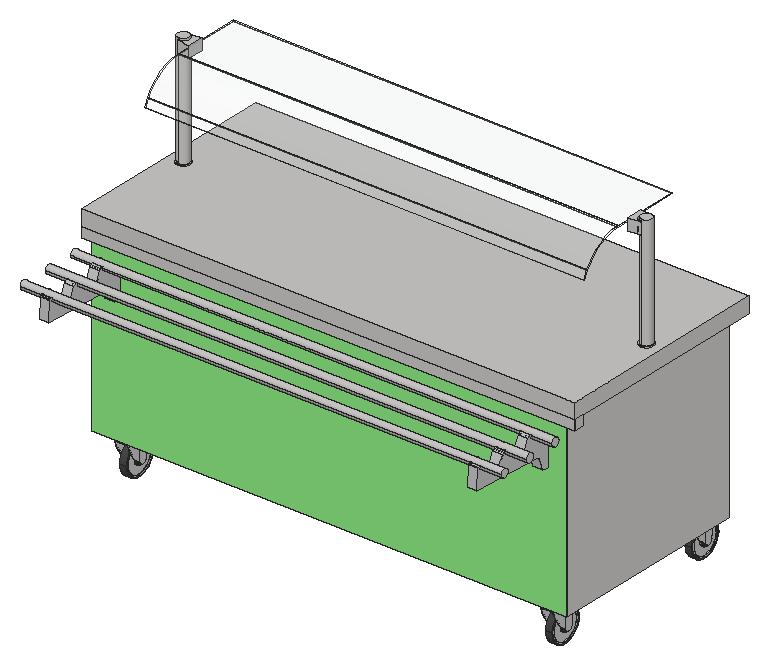
Revit family "QF_BOURGEAT_Self_Meuble_neutre_GN5", category Equipement spécialisé, Revit 2015
Parameters (values of type "GN5_dessus_plat+roues+etageres")
  dessus_plat = yes
  dessus_decoupe = no
  URL catalogue = "http://www.bourgeat.fr/fr/"
  URL = ""
  Type de Raccord Electrique = ""
  Type article = ""
  Tension = 0 V
  Spécification du Fabricant = "Meuble_neutre_OASIS"
  Roues = yes
  Remarques Electricité = ""
  Puissance électrique  = 0 W
  Profondeur hors tout = 820 mm
  Poids net à vide = 160.00 kg
  Pieds = no
  lgmeuble = Longueur hors tout - 68 mm  # 1791 mm
  lgconsole = Longueur hors tout - 44 mm  # 1815 mm
  lg_presentoir = lgmeuble - 44 mm  # 1747 mm
  lg_etagere = lgmeuble - 404 mm  # 1387 mm
  Presentoir = no
  Phase = 0
  Nature isolant = "Laine de verre"
  Modèle = "854115+854950+854955"
  Longueur hors tout = 1859 mm
  Intensité nominale = 0 A
  Indice de protection = "21"
  Hauteur hors tout = 900 mm
  Fréquence = 0 Hz
  Fabricant = "BOURGEAT"
  Etageres = yes
  Contact SAV = "0033 (0)4.76.32.14.44"
  Consommation_energetique = ""
  Charge max = 150.00 kg
  Certification = "NF alimentaire"
Types (16, lengths in mm): name | dessus_plat | dessus_decoupe | Tension | Roues | Puissance électrique  | Poids net à vide | Pieds | Presentoir | Phase | Modèle | Intensité nominale | Hauteur hors tout | Fréquence | Etageres
  GN5_dessus_decoupe | no | yes | 0 V | yes | 0 W | 185.00 kg | no | no | 0 | "854225" | 0 A | 900 | 0 Hz | no
  GN5_dessus_plat | yes | no | 0 V | no | 0 W | 160.00 kg | yes | no | 0 | "854115" | 0 A | 900 | 0 Hz | no
  GN5_dessus_plat+rampe_chauffante | yes | no | 230 V | no | 800 W | 185.00 kg | yes | yes | 2 | "854115+851325" | 3.47826 A | 1330 | 50 Hz | no
  GN5_dessus_plat+roues | yes | no | 0 V | yes | 0 W | 160.00 kg | no | no | 0 | "854115+854950" | 0 A | 900 | 0 Hz | no
  GN5_dessus_plat+etageres | yes | no | 0 V | no | 0 W | 160.00 kg | yes | no | 0 | "854115+854955" | 0 A | 900 | 0 Hz | yes
  GN5_dessus_plat+rampe_chauffante+roues | yes | no | 230 V | yes | 800 W | 185.00 kg | no | yes | 2 | "854115+851325+854950" | 3.47826 A | 1330 | 50 Hz | no
  GN5_dessus_plat+rampe_chauffante+etageres | yes | no | 230 V | yes | 800 W | 185.00 kg | no | yes | 2 | "854115+851325+854955" | 3.47826 A | 1330 | 50 Hz | yes
  GN5_dessus_plat+roues+etageres | yes | no | 0 V | yes | 0 W | 160.00 kg | no | no | 0 | "854115+854950+854955" | 0 A | 900 | 0 Hz | yes
  GN5_dessus_plat+rampe_chauffante+roues+etageres | yes | no | 230 V | yes | 800 W | 185.00 kg | no | yes | 2 | "854115+851325+854950+854955" | 3.47826 A | 1330 | 50 Hz | yes
  GN5_dessus_decoupe+presentoir_chauffant | no | yes | 230 V | no | 800 W | 185.00 kg | yes | yes | 2 | "854225+851325" | 3.47826 A | 1330 | 50 Hz | no
  GN5_dessus_decoupe+roues | no | yes | 0 V | yes | 0 W | 160.00 kg | no | no | 0 | "854225+854950" | 0 A | 900 | 0 Hz | no
  GN5_dessus_decoupe+etageres | no | yes | 0 V | no | 0 W | 160.00 kg | yes | no | 0 | "854225+854955" | 0 A | 900 | 0 Hz | yes
  GN5_dessus_decoupe+presentoir_chauffant+roues | no | yes | 230 V | yes | 800 W | 185.00 kg | no | yes | 2 | "854225+851325+854950" | 3.47826 A | 1330 | 50 Hz | no
  GN5_dessus_decoupe+presentoir_chauffant+etageres | no | yes | 230 V | no | 800 W | 185.00 kg | yes | yes | 2 | "854225+851325+854955" | 3.47826 A | 1330 | 50 Hz | yes
  GN5_dessus_decoupe+roues+etageres | no | yes | 0 V | yes | 0 W | 160.00 kg | no | no | 0 | "854225+854950+854955" | 0 A | 900 | 0 Hz | yes
  GN5_dessus_decoupe+presentoir_chauffant+roues+etageres | no | yes | 230 V | yes | 800 W | 185.00 kg | no | yes | 2 | "854225+851325+854950+854955" | 3.47826 A | 1330 | 50 Hz | yes
Reference planes
  plane 1 "Centre (avant/arrière)": y = 0
  plane 2: z = 0
  plane 3 "Centre (gauche/droite)": x = 0
  plane 4: z = 235
  plane 5: z = 465
  plane 6: z = 284
  plane 7: z = 640
  plane 8: x = -1722
  plane 9: y = 590
Forms (mm)
  Extrusion 1, solid
    sketch origin (0, 0, 0) x (1, 0, 0) y (0, 1, 0)
      loop
        circle (-1722, 590) r 10
    from 147.533 to 160
Dimensions and locks
  locked: plane 4 to plane 2 at 235
  locked: plane 6 to plane 2 at 284
  locked: plane 7 to plane 2 at 640
  locked: nested 1 to plane 8 at 67
  aligned and locked: level to plane 2
  aligned and locked: nested 1 to plane 1 "Centre (avant/arrière)"
  aligned and locked: nested 3 to nested 1
  aligned and locked: nested 1 to plane 2
  aligned and locked: plane 7 to nested 3
  aligned and locked: nested 5 to nested 1  (x2)
  aligned and locked: nested 4 to nested 1  (x2)
  aligned and locked: plane 4 to nested 5
  aligned and locked: nested 4 to plane 5
  aligned and locked: nested 1 to nested 2
  aligned and locked: nested 7 to nested 1  (x2)
  aligned and locked: nested 7 to nested 2
  aligned and locked: nested 6 to nested 7  (x2)
  aligned and locked: nested 6 to nested 2
  aligned and locked: nested 3 to nested 7
  aligned and locked: plane 8 to Extrusion 1 sketch curve
  aligned and locked: plane 9 to Extrusion 1 sketch curve
Nested families
  nested 1: "corps_meuble" at (0, 0, 160), type "corps_meuble"
    with roues yes, pieds no, lg_meuble 1789 mm, lg_ht 1859 mm
  nested 2: "presentoir" at (-894.5, 402, 551.997) x (0, 1, 0) z (0, 0, 1), type "presentoir"
    with lg_presentoir 1747 mm
  nested 3: "barre_et_console" at (-894.5, 0, 465) x (-1, 0, 0) z (0, 0, 1), type "barre_et_console"
    with lg_ht 1859 mm, lg_barre_console 1815 mm
  nested 4: "etagere" at (-893.5, 80, 427) x (-1, 0, 0) z (0, 0, 1), visible <- "Etageres", type "etagere"
    with lg_etagere 1387 mm
  nested 5: "etagere" at (-893.5, 80, 197) x (-1, 0, 0) z (0, 0, 1), visible <- "Etageres", type "etagere"
    with lg_etagere 1387 mm
  nested 6: "dessus_decoupe" at (-894.5, 402, 808), visible <- "dessus_decoupe", type "dessus_découpe"
    with lg_cuve 1859 mm
  nested 7: "dessus_plat" at (-894.5, 402, 808), visible <- "dessus_plat", type "dessus_plat"
    with lg_cuve 1859 mm
Connectors
  electrical at (-1722, 590, 147.533), driven by "Tension"
    settings: on Extrusion 1, index 1, voltage 0 V, apparent load 0 VA, apparent load phase1 0 VA, apparent load phase2 0 VA, apparent load phase3 0 VA, power factor 1, load classification "Autre", number of poles 1, system type 30, power factor state 1, is connector primary yes, connector utility no, sub classification motor no, connector description ""
Definition of nested family "corps_meuble"
  Parameters (values of type "corps_meuble")
    roues = no
    pieds = yes
    lg_meuble = lg_ht - 70 mm  # 1464 mm
    lg_ht = 1534 mm
  Reference planes
    plane 1 "Centre (avant/arrière)": y = 0
    plane 2: z = 0
    plane 3 "Centre (gauche/droite)": x = 0
    plane 4: x = -480.227
    plane 5: z = 680
    plane 6: x = -732
    plane 7: x = -379.227
    plane 8: x = -1464
    plane 9: x = -1414
    plane 10: x = -202
    plane 11: x = -50
    plane 12: x = -1262
    plane 13: x = -1374
    plane 14: x = -90
    plane 15: z = 519
    plane 16: x = -1371
    plane 17: x = -93
    plane 18: y = 53
    plane 19: y = 712
    plane 20: y = 402
    plane 21: y = -1
  Forms (mm)
    Extrusion 1, solid
      sketch origin (-379.227, -50.814, 0) x (1, 0, 0) y (0, 1, 0)
        loop
          line (-1084.773, 815.814) -> (-1084.773, 50.814) -> (379.227, 50.814) -> (379.227, 815.814) -> (177.227, 815.814) -> (177.227, 130.814) -> (-882.773, 130.814) -> (-882.773, 815.814) -> (-1084.773, 815.814)
      from 0 to 680
    Extrusion 2, void
      sketch origin (-379.227, 0, 0) x (1, 0, 0) y (0, 1, 0)
        loop
          line (-1034.773, 699.99) -> (-1034.773, 119.99) -> (329.227, 119.99) -> (329.227, 699.99) -> (-1034.773, 699.99)
      from 541.178 to 680
    Extrusion 3, solid
      sketch origin (0, 0, 0) x (1, 0, 0) y (0, 1, 0)
        loop
          line (-1414, 699.99) -> (-1414, 119.99) -> (-1262, 119.99) -> (-1262, 699.99) -> (-1414, 699.99)
        loop
          line (-202, 699.99) -> (-202, 119.99) -> (-50, 119.99) -> (-50, 699.99) -> (-202, 699.99)
      from 541.178 to 680
    Extrusion 4, solid
      sketch origin (0, 0, 0) x (1, 0, 0) y (0, 0, 1)
        loop
          line (-1464, 680) -> (-1464, 0) -> (0, 0) -> (0, 680) -> (-1464, 680)
      from 0 to 1
  Cuts and joins
    Extrusion 2 cuts Extrusion 1
  Dimensions and locks
    locked: plane 5 to plane 2 at 680
    locked: plane 8 to plane 9 at 50
    locked: plane 10 to plane 3 "Centre (gauche/droite)" at 202
    locked: plane 11 to plane 3 "Centre (gauche/droite)" at 50
    equal spacing: plane 8, plane 6, plane 3 "Centre (gauche/droite)"
    "lg_meuble": plane 8 to plane 3 "Centre (gauche/droite)"
    locked: plane 8 to plane 12 at 202
    locked: plane 8 to plane 13 at 90
    locked: plane 14 to plane 3 "Centre (gauche/droite)" at 90
    locked: plane 15 to plane 2 at 519
    locked: plane 8 to plane 16 at 93
    locked: plane 17 to plane 3 "Centre (gauche/droite)" at 93
    locked: cut or joined group of Extrusion 1, Extrusion 2 to plane 20 at 363
    aligned and locked: level to plane 2
    aligned and locked: plane 5 to Extrusion 1
    aligned and locked: cut or joined group of Extrusion 1, Extrusion 2 to plane 8
    aligned and locked: Extrusion 2 to plane 9
    aligned and locked: Extrusion 1 to plane 10
    aligned and locked: plane 11 to cut or joined group of Extrusion 1, Extrusion 2
    aligned and locked: plane 12 to cut or joined group of Extrusion 1, Extrusion 2
    aligned and locked: nested 1 to plane 13
    aligned and locked: plane 14 to nested 2
    aligned and locked: nested 2 to cut or joined group of Extrusion 1, Extrusion 2
    aligned and locked: nested 1 to cut or joined group of Extrusion 1, Extrusion 2
    aligned and locked: nested 1 to plane 15
    aligned and locked: nested 2 to plane 15
    aligned and locked: plane 13 to nested 3
    aligned and locked: plane 19 to nested 3
    aligned and locked: nested 4 to plane 18
    aligned and locked: plane 13 to nested 4
    aligned and locked: nested 5 to plane 18
    aligned and locked: plane 17 to nested 5
    aligned and locked: plane 19 to nested 6
    aligned and locked: plane 17 to nested 6
    aligned and locked: plane 17 to nested 9
    aligned and locked: plane 19 to nested 9
    aligned and locked: nested 10 to plane 18
    aligned and locked: plane 17 to nested 10
    aligned and locked: nested 8 to plane 18
    aligned and locked: plane 13 to nested 8
    aligned and locked: plane 13 to nested 7
    aligned and locked: plane 19 to nested 7
    aligned and locked: nested 4 to plane 2
    aligned and locked: nested 3 to plane 2
    aligned and locked: nested 7 to plane 2
    aligned and locked: nested 10 to plane 2
    aligned and locked: nested 9 to plane 2
    aligned and locked: nested 5 to plane 2
    aligned and locked: nested 6 to plane 2
    aligned and locked: Extrusion 3 sketch curve to cut or joined group of Extrusion 1, Extrusion 2  (x8)
    aligned and locked: Extrusion 4 sketch curve to cut or joined group of Extrusion 1, Extrusion 2  (x4)
    aligned and locked: plane 21 to Extrusion 4
  Automatic sketch dimensions
    Extrusion 1 sketch curve to plane 8 = 0 mm
    Extrusion 1 sketch curve to plane 10 = 0 mm
    plane 1 "Centre (avant/arrière)" to Extrusion 1 sketch curve = 0 mm
    Extrusion 1 sketch curve to plane 3 "Centre (gauche/droite)" = 0 mm
    Extrusion 1 sketch curve to plane 1 "Centre (avant/arrière)" = 80 mm
    Extrusion 1 sketch curve to plane 6 = 530 mm
    Extrusion 1 sketch curve to Extrusion 1 sketch curve = 685 mm
    Extrusion 1 sketch curve to Extrusion 1 sketch curve = 765 mm
    Extrusion 2 sketch curve to plane 9 = 0 mm
    Extrusion 2 sketch curve to plane 11 = 0 mm
    Extrusion 2 sketch curve to plane 1 "Centre (avant/arrière)" = 119.99 mm
    Extrusion 2 sketch curve to Extrusion 2 sketch curve = 580 mm
  Nested families
    nested 1: "Prise" at (-1331, 790, 562), type "Prise"
    nested 2: "Prise" at (-133, 790, 562), type "Prise"
    nested 3: "pied" at (-1374, 712, -160), visible <- "pieds", type "pied"
    nested 4: "pied" at (-1374, 53, -160), visible <- "pieds", type "pied"
    nested 5: "pied" at (-93, 53, -160), visible <- "pieds", type "pied"
    nested 6: "pied" at (-93, 712, -160), visible <- "pieds", type "pied"
    nested 7: "roue_ht160" at (-1374, 712, -160.21), visible <- "roues", type "roue_ht160"
      with Sans frein yes, Avec frein yes
    nested 8: "roue_ht160" at (-1374, 53, -160.21), visible <- "roues", type "roue_ht160"
      with Sans frein yes, Avec frein yes
    nested 9: "roue_ht160" at (-93, 712, -160.21), visible <- "roues", type "roue_ht160"
      with Sans frein yes, Avec frein yes
    nested 10: "roue_ht160" at (-93, 53, -160.21), visible <- "roues", type "roue_ht160"
      with Sans frein yes, Avec frein yes
  Definition of nested family "Prise"
    Reference planes
      plane 1 "Centre (avant/arrière)": y = 0
      plane 2: z = 0
      plane 3 "Centre (gauche/droite)": x = 0
      plane 4: x = 43
      plane 5: x = -43
      plane 6: z = 43
      plane 7: z = -43
      plane 8: y = -25
    Forms (mm)
      Extrusion 1, solid
        sketch origin (0, 0, 0) x (1, 0, 0) y (0, 0, 1)
          loop
            line (-43, 43) -> (-43, -43) -> (43, -43) -> (43, 43) -> (-43, 43)
        from 0 to 25
    Dimensions and locks
      locked: plane 8 to plane 1 "Centre (avant/arrière)" at 25
      aligned and locked: level to plane 2
      aligned and locked: Extrusion 1 sketch curve to plane 6
      aligned and locked: Extrusion 1 sketch curve to plane 5
      aligned and locked: Extrusion 1 sketch curve to plane 7
      aligned and locked: Extrusion 1 sketch curve to plane 4
      aligned and locked: Extrusion 1 to plane 8
  Definition of nested family "pied"
    Reference planes
      plane 1 "Centre (avant/arrière)": y = 0
      plane 2: z = 0
      plane 3 "Centre (gauche/droite)": x = 0
    Forms (mm)
      Revolve 1, solid
        sketch origin (0, 0, 0) x (1, 0, 0) y (0, 0, 1)
          loop
            line (0, 160) -> (-33, 160) -> (-33, 70) -> (-28, 70) -> (-28, 0) -> (0, 0) -> (0, 160)
          axis (0, 160) -> (0, 0)
        angle from 0 to 360
    Dimensions and locks
      plane 3 "Centre (gauche/droite)" to Revolve 1 sketch curve = 28 mm
      Revolve 1 sketch curve to plane 3 "Centre (gauche/droite)" = 33 mm
      Revolve 1 sketch curve to plane 2 = 70 mm
      Revolve 1 sketch curve to Revolve 1 sketch curve = 90 mm
      aligned and locked: level to plane 2
  Definition of nested family "roue_ht160"
    Parameters (values of type "roue_ht160")
      Sans frein [instance] = yes
      Avec frein [instance] = yes
    Reference planes
      plane 1 "Centre (avant/arrière)": y = 0
      plane 2: z = 0
      plane 3 "Centre (gauche/droite)": x = 0
      plane 4: y = 40.851
      plane 5: z = 62.5
    Forms (mm)
      Extrusion 1, solid
        sketch origin (0, 0, 0) x (0, 1, 0) y (0, 0, 1)
          loop
            circle (40.851, 62.5) r 62.5
          loop
            circle (40.851, 62.5) r 57.5
        from -12.5 to 12.5
      Revolve 2, solid
        sketch origin (0, 0, 0) x (0, 1, 0) y (0, 0, 1)
          loop
            line (0, 160.21) -> (-20.149, 160.21) -> (-20.149, 159.41) -> (-21.6, 159.41)
            arc (-21.6, 159.41) -> (-24.448, 158.65) -> (-26.537, 156.572) r 5.712
            line (-26.537, 156.572) -> (-30.146, 147.743) -> (-26.999, 147.062) -> (-26.999, 146.112)
            arc (-26.999, 146.112) -> (-27.23, 145.314) -> (-27.849, 144.761) r 1.5
            arc (-27.849, 144.761) -> (-29.223, 143.633) -> (-29.923, 142) r 3.75
            line (-29.923, 142) -> (0, 142) -> (0, 160.21)
          axis (0, 160.21) -> (0, 142)
        angle from 0 to 360
      Extrusion 3, solid
        sketch origin (0, 0, 0) x (0, 1, 0) y (0, 0, -1)
          loop
            line (-29.974, -138.241) -> (-29.974, -142) -> (21.747, -142) -> (21.747, -60.336)
            arc (21.747, -60.336) -> (10.272, -70.702) -> (-0.149, -82.127) r 160.057
            arc (-0.149, -82.127) -> (-17.883, -108.684) -> (-29.974, -138.241) r 159.585
        from -24.913 to -23.038
      Extrusion 4, solid
        sketch origin (0, 0, 0) x (0, 1, 0) y (0, 0, 1)
          loop
            line (-29.974, 142) -> (-29.974, 140.869) -> (21.747, 140.869) -> (21.747, 142) -> (-29.974, 142)
        from -23.038 to 23.038
      Extrusion 5, solid
        sketch origin (0, 0, 0) x (0, 1, 0) y (0, 0, 1)
          loop
            circle (40.851, 62.5) r 57.5
          loop
            circle (40.851, 62.5) r 55
        from -12.5 to 12.5
      Extrusion 6, solid
        sketch origin (0, 0, 0) x (0, 1, 0) y (0, 0, 1)
          loop
            circle (40.851, 62.5) r 55
        from -7 to 7
      Extrusion 7, solid
        sketch origin (0, 0, 0) x (0, 1, 0) y (0, 0, 1)
          loop
            circle (40.851, 62.5) r 21
        from 7 to 15
      Extrusion 8, solid
        sketch origin (0, 0, 0) x (0, 1, 0) y (0, 0, -1)
          loop
            circle (40.851, -62.5) r 16
        from -23.038 to -15
      Extrusion 9, solid, visible <- "Sans frein"
        sketch origin (0, 0, 0) x (0, 1, 0) y (0, 0, 1)
          loop
            arc (21.747, 60.336) -> (23.188, 59.17) -> (24.642, 58.02) r 161.23
            arc (24.642, 58.02) -> (29.34, 54.513) -> (34.187, 51.216) r 133.333
            arc (34.187, 51.216) -> (46.517, 50.3) -> (53.927, 60.198) r 12.867
            arc (53.927, 60.198) -> (54.714, 99.183) -> (46.119, 137.216) r 161.222
            arc (46.119, 137.216) -> (45.679, 138.887) -> (45.531, 140.609) r 10.076
            line (45.531, 140.609) -> (45.531, 142) -> (21.747, 142) -> (21.747, 60.336)
        from 23.038 to 24.913
      Extrusion 10, solid, visible <- "Sans frein"
        sketch origin (0, 0, 0) x (0, 1, 0) y (0, 0, 1)
          loop
            line (21.747, 142) -> (21.747, 140.701) -> (48.851, 140.701) -> (48.851, 142) -> (21.747, 142)
        from -23.038 to 23.038
      Extrusion 11, solid, visible <- "Avec frein"
        sketch origin (0, 0, 0) x (0, 1, 0) y (0, 0, 1)
          loop
            line (21.747, 142) -> (21.747, 60.336)
            arc (21.747, 60.336) -> (23.177, 59.179) -> (24.62, 58.038) r 160.008
            arc (24.62, 58.038) -> (29.041, 54.705) -> (33.574, 51.527) r 160
            arc (33.574, 51.527) -> (46.135, 50.422) -> (53.724, 60.491) r 13
            arc (53.724, 60.491) -> (55.279, 82.092) -> (53.902, 103.704) r 160
            arc (53.902, 103.704) -> (55.53, 108.653) -> (60.415, 110.463) r 6
            arc (60.415, 110.463) -> (80.625, 109.924) -> (100.725, 112.107) r 150
            arc (100.725, 112.107) -> (104.408, 113.406) -> (107.479, 115.819) r 12
            line (107.479, 115.819) -> (110.851, 121.523)
            arc (110.851, 121.523) -> (85.913, 134.651) -> (58.706, 142) r 127.902
            line (58.706, 142) -> (21.747, 142)
        from 23.038 to 24.913
      Extrusion 12, solid, visible <- "Avec frein"
        sketch origin (0, 0, 0) x (0, 1, 0) y (0, 0, 1)
          loop
            line (58.706, 142) -> (21.747, 142) -> (21.747, 140) -> (58.552, 140)
            arc (58.552, 140) -> (85.253, 132.762) -> (109.73, 119.866) r 125.902
            line (109.73, 119.866) -> (110.851, 121.523)
            arc (110.851, 121.523) -> (85.913, 134.651) -> (58.706, 142) r 127.902
        from -23.038 to 23.038
      Extrusion 13, solid, visible <- "Avec frein"
        sketch origin (0, 19.896, 18.175) x (0, 1, 0) y (0, 0, 1)
          loop
            line (87.583, 97.644) -> (91.829, 95.227)
            arc (91.829, 95.227) -> (93.8, 95.006) -> (95.312, 96.29) r 2.5
            arc (95.312, 96.29) -> (103.495, 100.002) -> (111.176, 104.666) r 74.999
            line (111.176, 104.666) -> (110.852, 105.929)
            arc (110.852, 105.929) -> (110.04, 107.086) -> (108.666, 107.417) r 2
            arc (108.666, 107.417) -> (101.396, 105.849) -> (94.512, 103.034) r 42.354
            line (94.512, 103.034) -> (93.479, 101.228) -> (93.285, 100.414) -> (91.69, 101.675) -> (90.401, 102.412) -> (87.583, 97.644)
        from -23.038 to 23.038
      Extrusion 14, solid, not visible
        sketch origin (0, 0, 0) x (0, 1, 0) y (0, 0, -1)
          loop
            line (-29.974, -138.241) -> (-29.974, -142) -> (21.747, -142) -> (21.747, -60.336)
            arc (21.747, -60.336) -> (10.272, -70.702) -> (-0.149, -82.127) r 160.057
            arc (-0.149, -82.127) -> (-17.883, -108.684) -> (-29.974, -138.241) r 159.585
        from -24.913 to -23.038
      Extrusion 15, solid, not visible
        sketch origin (0, 0, 0) x (0, 1, 0) y (0, 0, 1)
          loop
            circle (40.851, 62.5) r 21
        from 7 to 15
      Extrusion 16, solid, not visible
        sketch origin (0, 0, 0) x (0, 1, 0) y (0, 0, -1)
          loop
            circle (40.851, -62.5) r 16
        from -23.038 to -15
      Extrusion 17, solid, visible <- "Sans frein", not visible
        sketch origin (0, 0, 0) x (0, 1, 0) y (0, 0, 1)
          loop
            arc (21.747, 60.336) -> (23.188, 59.17) -> (24.642, 58.02) r 161.23
            arc (24.642, 58.02) -> (29.34, 54.513) -> (34.187, 51.216) r 133.333
            arc (34.187, 51.216) -> (46.517, 50.3) -> (53.927, 60.198) r 12.867
            arc (53.927, 60.198) -> (54.714, 99.183) -> (46.119, 137.216) r 161.222
            arc (46.119, 137.216) -> (45.679, 138.887) -> (45.531, 140.609) r 10.076
            line (45.531, 140.609) -> (45.531, 142) -> (21.747, 142) -> (21.747, 60.336)
        from 23.038 to 24.913
      Extrusion 18, solid, visible <- "Avec frein", not visible
        sketch origin (0, 0, 0) x (0, 1, 0) y (0, 0, 1)
          loop
            line (21.747, 142) -> (21.747, 60.336)
            arc (21.747, 60.336) -> (23.177, 59.179) -> (24.62, 58.038) r 160.008
            arc (24.62, 58.038) -> (29.041, 54.705) -> (33.574, 51.527) r 160
            arc (33.574, 51.527) -> (46.135, 50.422) -> (53.724, 60.491) r 13
            arc (53.724, 60.491) -> (55.279, 82.092) -> (53.902, 103.704) r 160
            arc (53.902, 103.704) -> (55.53, 108.653) -> (60.415, 110.463) r 6
            arc (60.415, 110.463) -> (80.625, 109.924) -> (100.725, 112.107) r 150
            arc (100.725, 112.107) -> (104.408, 113.406) -> (107.479, 115.819) r 12
            line (107.479, 115.819) -> (110.851, 121.523)
            arc (110.851, 121.523) -> (85.913, 134.651) -> (58.706, 142) r 127.902
            line (58.706, 142) -> (21.747, 142)
        from 23.038 to 24.913
      Extrusion 19, solid
        sketch origin (0, 0, 0) x (0, -1, 0) y (0, 0, -1)
          loop
            arc (29.974, -138.241) -> (17.883, -108.684) -> (0.149, -82.127) r 159.585
            arc (0.149, -82.127) -> (-10.272, -70.702) -> (-21.747, -60.336) r 160.057
            line (-21.747, -60.336) -> (-21.747, -142) -> (29.974, -142) -> (29.974, -138.241)
        from -24.913 to -23.038
      Extrusion 20, solid
        sketch origin (0, 0, 0) x (0, -1, 0) y (0, 0, 1)
          loop
            circle (-40.851, 62.5) r 21
        from 7 to 15
      Extrusion 21, solid
        sketch origin (0, 0, 0) x (0, -1, 0) y (0, 0, -1)
          loop
            circle (-40.851, -62.5) r 16
        from -23.038 to -15
      Extrusion 22, solid, visible <- "Sans frein"
        sketch origin (0, 0, 0) x (0, -1, 0) y (0, 0, 1)
          loop
            line (-21.747, 60.336) -> (-21.747, 142) -> (-45.531, 142) -> (-45.531, 140.609)
            arc (-45.531, 140.609) -> (-45.679, 138.887) -> (-46.119, 137.216) r 10.076
            arc (-46.119, 137.216) -> (-54.714, 99.183) -> (-53.927, 60.198) r 161.222
            arc (-53.927, 60.198) -> (-46.517, 50.3) -> (-34.187, 51.216) r 12.867
            arc (-34.187, 51.216) -> (-29.34, 54.513) -> (-24.642, 58.02) r 133.333
            arc (-24.642, 58.02) -> (-23.188, 59.17) -> (-21.747, 60.336) r 161.23
        from 23.038 to 24.913
      Extrusion 23, solid, visible <- "Avec frein"
        sketch origin (0, 0, 0) x (0, -1, 0) y (0, 0, 1)
          loop
            line (-21.747, 142) -> (-58.706, 142)
            arc (-58.706, 142) -> (-85.913, 134.651) -> (-110.851, 121.523) r 127.902
            line (-110.851, 121.523) -> (-107.479, 115.819)
            arc (-107.479, 115.819) -> (-104.408, 113.406) -> (-100.725, 112.107) r 12
            arc (-100.725, 112.107) -> (-80.625, 109.924) -> (-60.415, 110.463) r 150
            arc (-60.415, 110.463) -> (-55.53, 108.653) -> (-53.902, 103.704) r 6
            arc (-53.902, 103.704) -> (-55.279, 82.092) -> (-53.724, 60.491) r 160
            arc (-53.724, 60.491) -> (-46.135, 50.422) -> (-33.574, 51.527) r 13
            arc (-33.574, 51.527) -> (-29.041, 54.705) -> (-24.62, 58.038) r 160
            arc (-24.62, 58.038) -> (-23.177, 59.179) -> (-21.747, 60.336) r 160.008
            line (-21.747, 60.336) -> (-21.747, 142)
        from 23.038 to 24.913
    Dimensions and locks
      aligned and locked: level to plane 2
Definition of nested family "presentoir"
  Parameters (values of type "presentoir")
    lg_presentoir = 1097 mm
  Reference planes
    plane 1 "Centre (avant/arrière)": y = 0
    plane 2: z = 0
    plane 3 "Centre (gauche/droite)": x = 0
    plane 4: x = 0
    plane 5: y = 0
    plane 6: z = 348.003
    plane 7: z = 775.003
    plane 8: z = 353.003
    plane 9: z = 770.54
    plane 10: z = 727.003
    plane 11: y = 548.5
    plane 12: y = -548.5
    plane 13: y = 548.5
    plane 14: y = -548.5
  Forms (mm)
    Extrusion 1, solid
      sketch origin (0, 0, 0) x (1, 0, 0) y (0, 0, 1)
        loop
          line (-240.07, 650.474) -> (-234.874, 647.474) -> (-219.875, 673.453)
          arc (-219.875, 673.453) -> (-158.748, 734.58) -> (-75.248, 756.953) r 167
          line (-75.248, 756.953) -> (179.75, 756.953) -> (179.75, 762.953) -> (-75.248, 762.953)
          arc (-75.248, 762.953) -> (-161.33, 740.45) -> (-224.372, 677.664) r 170.59
          line (-224.372, 677.664) -> (-240.07, 650.474)
      from -503.5 to 503.5
    Extrusion 2, solid
      sketch origin (0, 0, 0) x (1, 0, 0) y (0, 1, 0)
        loop
          line (-25, 548.5) -> (-30.461, 503.5) -> (30.461, 503.5) -> (25, 548.5)
          arc (25, 548.5) -> (0, 523.5) -> (-25, 548.5) r 25
        loop
          arc (-25, -548.5) -> (0, -523.5) -> (25, -548.5) r 25
          line (25, -548.5) -> (30.461, -503.5) -> (-30.461, -503.5) -> (-25, -548.5)
      from 727.003 to 770.54
    Extrusion 3, solid
      sketch origin (0, -396.5, 0) x (1, 0, 0) y (0, 1, 0)
        loop
          circle (0, 945) r 21.2
        loop
          circle (0, -152) r 21.2
      from 353.003 to 775.003
    Revolve 4, solid
      sketch origin (0, 0, 0) x (0, 1, 0) y (0, 0, 1)
        loop
          line (-548.5, 353.003) -> (-569.7, 353.003) -> (-573.5, 349.203) -> (-573.5, 348.003) -> (-548.5, 348.003) -> (-548.5, 353.003)
        axis (-548.5, 353.003) -> (-548.5, 348.003)
      angle from 0 to 360
    Revolve 5, solid
      sketch origin (0, 0, 0) x (0, -1, 0) y (0, 0, 1)
        loop
          line (-548.5, 353.003) -> (-569.7, 353.003) -> (-573.5, 349.203) -> (-573.5, 348.003) -> (-548.5, 348.003) -> (-548.5, 353.003)
        axis (-548.5, 353.003) -> (-548.5, 348.003)
      angle from 0 to 360
  Dimensions and locks
    equal spacing: plane 11, plane 1 "Centre (avant/arrière)", plane 12
    "lg_presentoir": plane 11 to plane 12
    locked: Extrusion 2 sketch curve to plane 14 at 45
    locked: plane 13 to Extrusion 2 sketch curve at 45
    aligned and locked: level to plane 2
    aligned and locked: plane 3 "Centre (gauche/droite)" to plane 4
    aligned and locked: Extrusion 3 to plane 7
    aligned and locked: plane 8 to Extrusion 3
    aligned and locked: Extrusion 2 to plane 9
    aligned and locked: plane 10 to Extrusion 2
    aligned and locked: plane 1 "Centre (avant/arrière)" to plane 5
    aligned and locked: plane 11 to Extrusion 3
    aligned and locked: plane 12 to Extrusion 3
    aligned and locked: plane 13 to plane 11
    aligned and locked: plane 14 to plane 12
    aligned and locked: Extrusion 1 to Extrusion 2  (x2)
  Automatic sketch dimensions
    Extrusion 1 sketch curve to plane 3 "Centre (gauche/droite)" = 240.07 mm
    plane 10 to Extrusion 1 sketch curve = 79.529 mm
    Extrusion 1 sketch curve to Extrusion 1 sketch curve = 5.196 mm
    plane 10 to Extrusion 1 sketch curve = 49.34 mm
    Extrusion 1 sketch curve to Extrusion 1 sketch curve = 15.698 mm
    plane 10 to Extrusion 1 sketch curve = 53.55 mm
    Extrusion 1 sketch curve to plane 3 "Centre (gauche/droite)" = 76.636 mm
    Extrusion 1 sketch curve to Extrusion 1 sketch curve = 1.388 mm
    Extrusion 1 sketch curve to Extrusion 1 sketch curve = 0 mm
    plane 9 to Extrusion 1 sketch curve = 13.587 mm
    plane 3 "Centre (gauche/droite)" to Extrusion 1 sketch curve = 179.75 mm
    Extrusion 1 sketch curve to Extrusion 1 sketch curve = 2.415 mm
    Extrusion 2 sketch curve to plane 14 = 0 mm
    plane 11 to Extrusion 2 sketch curve = 0 mm
    Extrusion 2 sketch curve to plane 3 "Centre (gauche/droite)" = 0 mm  (x2)
    Extrusion 2 sketch curve to Extrusion 2 sketch curve = 25 mm  (x2)
    Extrusion 2 sketch curve to plane 3 "Centre (gauche/droite)" = 30.461 mm  (x2)
    plane 3 "Centre (gauche/droite)" to Extrusion 2 sketch curve = 30.461 mm  (x2)
    Extrusion 3 sketch curve to plane 3 "Centre (gauche/droite)" = 0 mm  (x2)
    Extrusion 3 sketch curve to plane 12 = 0 mm
    plane 11 to Extrusion 3 sketch curve = 0 mm
    Revolve 4 sketch curve to plane 6 = 0 mm
    Revolve 4 sketch curve to plane 8 = 0 mm
    Revolve 4 sketch curve to plane 12 = 0 mm  (x2)
    Revolve 4 sketch curve to Revolve 4 sketch curve = 21.2 mm
    Revolve 4 sketch curve to Revolve 4 sketch curve = 3.8 mm
    Revolve 4 sketch curve to Revolve 4 sketch curve = 1.2 mm
    Revolve 4 sketch curve to plane 6 = 14.256 mm
    plane 8 to Revolve 4 sketch curve = 30.744 mm
    Revolve 5 sketch curve to plane 6 = 0 mm
    plane 8 to Revolve 5 sketch curve = 0 mm
    Revolve 5 sketch curve to plane 11 = 0 mm  (x2)
    Revolve 5 sketch curve to plane 11 = 21.2 mm
    Revolve 5 sketch curve to Revolve 5 sketch curve = 3.8 mm
    Revolve 5 sketch curve to Revolve 5 sketch curve = 1.2 mm
    plane 6 to Revolve 5 sketch curve = 14.256 mm
    Revolve 5 sketch curve to Revolve 5 sketch curve = 30.744 mm
    radius of Extrusion 3 sketch curve = 21.2 mm  (x2)
Definition of nested family "barre_et_console"
  Parameters (values of type "barre_et_console")
    lg_ht = 884 mm
    lg_barre_console = lg_ht - 44 mm  # 840 mm
  Reference planes
    plane 1 "Centre (avant/arrière)": y = 0
    plane 2: z = 0
    plane 3 "Centre (gauche/droite)": x = 0
    plane 4: x = -420
    plane 5: x = 420
    plane 6: x = -320
    plane 7: x = 320
    plane 8: z = 320.378
    plane 9: z = 175
  Dimensions and locks
    locked: plane 4 to plane 6 at 100
    locked: plane 7 to plane 5 at 100
    equal spacing: plane 4, plane 3 "Centre (gauche/droite)", plane 5
    "lg_barre_console": plane 4 to plane 5
    aligned and locked: level to plane 2
    aligned and locked: nested 1 to plane 1 "Centre (avant/arrière)"
    aligned and locked: plane 6 to nested 1
    aligned and locked: plane 7 to nested 2
    aligned and locked: plane 5 to nested 3
    aligned and locked: nested 3 to plane 4
    aligned and locked: plane 8 to nested 3
    aligned and locked: plane 9 to nested 1
  Nested families
    nested 1: "console" at (-320, 0, 0) x (0, 1, 0) z (0, 0, 1), type "console"
    nested 2: "console" at (320, 0, 0) x (0, 1, 0) z (0, 0, 1), type "console"
    nested 3: "barre" at (420, 0, 19.415) x (0, 1, 0) z (0, 0, 1), type "barre"
  Definition of nested family "console"
    Reference planes
      plane 1 "Centre (avant/arrière)": y = 0
      plane 2: z = 0
      plane 3 "Centre (gauche/droite)": x = 0
      plane 4: y = 18
      plane 5: y = -18
      plane 6: y = 0
    Forms (mm)
      Extrusion 1, solid
        sketch origin (-12.245, 0, 175) x (1, 0, 0) y (0, 0, 1)
          loop
            line (12.245, 100) -> (12.245, 0) -> (39.579, 4.82) -> (50.894, 44.279)
            arc (50.894, 44.279) -> (55.986, 52.254) -> (64.592, 56.187) r 16.714
            line (64.592, 56.187) -> (348.499, 69.146) -> (343.309, 143.358)
            arc (343.309, 143.358) -> (342.973, 144.595) -> (342.189, 145.609) r 3.292
            line (342.189, 145.609) -> (337.923, 148.439)
            arc (337.923, 148.439) -> (337.371, 148.545) -> (336.906, 148.229) r 0.731
            arc (336.906, 148.229) -> (320.176, 130.386) -> (309.012, 152.149) r 14.958
            arc (309.012, 152.149) -> (308.597, 152.587) -> (308.001, 152.491) r 0.646
            line (308.001, 152.491) -> (297.265, 144.401) -> (278.874, 108.385)
            arc (278.874, 108.385) -> (262.102, 99.164) -> (245.329, 108.385) r 19.864
            line (245.329, 108.385) -> (229.634, 139.188) -> (217.945, 148.321)
            arc (217.945, 148.321) -> (217.306, 148.53) -> (216.976, 147.944) r 0.53
            arc (216.976, 147.944) -> (200.124, 130.629) -> (188.973, 152.064) r 14.905
            arc (188.973, 152.064) -> (188.691, 152.524) -> (188.154, 152.476) r 0.511
            line (188.154, 152.476) -> (177.098, 144.144) -> (158.855, 108.341)
            arc (158.855, 108.341) -> (142.039, 98.901) -> (125.223, 108.341) r 19.698
            line (125.223, 108.341) -> (109.334, 139.526) -> (97.932, 148.434)
            arc (97.932, 148.434) -> (97.187, 148.438) -> (96.994, 147.718) r 0.61
            arc (96.994, 147.718) -> (79.923, 130.663) -> (69.024, 152.192) r 14.902
            arc (69.024, 152.192) -> (68.66, 152.548) -> (68.158, 152.464) r 0.563
            line (68.158, 152.464) -> (57.103, 144.336) -> (39.164, 108.745)
            arc (39.164, 108.745) -> (33.443, 102.448) -> (25.295, 100) r 15.908
            line (25.295, 100) -> (12.245, 100)
        from -18 to 18
    Dimensions and locks
      plane 4 to plane 5 = 36 mm
      equal spacing: plane 4, plane 6, plane 5, locked at 18 each
      aligned and locked: level to plane 2
      aligned and locked: plane 4 to Extrusion 1
      aligned and locked: Extrusion 1 to plane 5
      aligned and locked: plane 6 to plane 1 "Centre (avant/arrière)"
      aligned and locked: Extrusion 1 to plane 3 "Centre (gauche/droite)"
    Automatic sketch dimensions
      Extrusion 1 sketch curve to Extrusion 1 sketch curve = 12.714 mm
      Extrusion 1 sketch curve to Extrusion 1 sketch curve = 13.05 mm
      Extrusion 1 sketch curve to Extrusion 1 sketch curve = 14.206 mm
      Extrusion 1 sketch curve to Extrusion 1 sketch curve = 27.334 mm
      Extrusion 1 sketch curve to Extrusion 1 sketch curve = 11.315 mm
      Extrusion 1 sketch curve to Extrusion 1 sketch curve = 17.938 mm
      Extrusion 1 sketch curve to Extrusion 1 sketch curve = 13.698 mm
      Extrusion 1 sketch curve to Extrusion 1 sketch curve = 16.057 mm
      Extrusion 1 sketch curve to Extrusion 1 sketch curve = 11.055 mm
      Extrusion 1 sketch curve to Extrusion 1 sketch curve = 0.333 mm
      Extrusion 1 sketch curve to Extrusion 1 sketch curve = 13.785 mm
      Extrusion 1 sketch curve to Extrusion 1 sketch curve = 15.28 mm
      Extrusion 1 sketch curve to Extrusion 1 sketch curve = 0.376 mm
      Extrusion 1 sketch curve to Extrusion 1 sketch curve = 11.401 mm
      Extrusion 1 sketch curve to Extrusion 1 sketch curve = 15.89 mm
      Extrusion 1 sketch curve to Extrusion 1 sketch curve = 16.816 mm  (x2)
      Extrusion 1 sketch curve to Extrusion 1 sketch curve = 18.243 mm
      Extrusion 1 sketch curve to Extrusion 1 sketch curve = 11.057 mm
      Extrusion 1 sketch curve to Extrusion 1 sketch curve = 0.308 mm
      Extrusion 1 sketch curve to Extrusion 1 sketch curve = 13.831 mm
      Extrusion 1 sketch curve to Extrusion 1 sketch curve = 15.204 mm
      Extrusion 1 sketch curve to Extrusion 1 sketch curve = 0.447 mm
      Extrusion 1 sketch curve to Extrusion 1 sketch curve = 11.69 mm
      Extrusion 1 sketch curve to Extrusion 1 sketch curve = 15.695 mm
      Extrusion 1 sketch curve to Extrusion 1 sketch curve = 16.772 mm  (x2)
      Extrusion 1 sketch curve to Extrusion 1 sketch curve = 18.391 mm
      Extrusion 1 sketch curve to Extrusion 1 sketch curve = 10.737 mm
      Extrusion 1 sketch curve to Extrusion 1 sketch curve = 0.389 mm
      Extrusion 1 sketch curve to Extrusion 1 sketch curve = 13.868 mm
      Extrusion 1 sketch curve to Extrusion 1 sketch curve = 15.261 mm
      Extrusion 1 sketch curve to Extrusion 1 sketch curve = 0.404 mm
      Extrusion 1 sketch curve to Extrusion 1 sketch curve = 2.506 mm
      Extrusion 1 sketch curve to Extrusion 1 sketch curve = 2.164 mm
      Extrusion 1 sketch curve to Extrusion 1 sketch curve = 1.12 mm
      Extrusion 1 sketch curve to Extrusion 1 sketch curve = 5.189 mm
      Extrusion 1 sketch curve to Extrusion 1 sketch curve = 4.639 mm
      Extrusion 1 sketch curve to Extrusion 1 sketch curve = 55.721 mm
      Extrusion 1 sketch curve to Extrusion 1 sketch curve = 8.745 mm
      Extrusion 1 sketch curve to Extrusion 1 sketch curve = 10.259 mm
      Extrusion 1 sketch curve to Extrusion 1 sketch curve = 10.642 mm
      Extrusion 1 sketch curve to Extrusion 1 sketch curve = 9.133 mm
      Extrusion 1 sketch curve to Extrusion 1 sketch curve = 31.185 mm
      Extrusion 1 sketch curve to Extrusion 1 sketch curve = 35.803 mm
      Extrusion 1 sketch curve to Extrusion 1 sketch curve = 35.592 mm
      Extrusion 1 sketch curve to Extrusion 1 sketch curve = 3.24 mm
      Extrusion 1 sketch curve to Extrusion 1 sketch curve = 2.946 mm
      Extrusion 1 sketch curve to Extrusion 1 sketch curve = 1.042 mm
      Extrusion 1 sketch curve to Extrusion 1 sketch curve = 0.609 mm
      Extrusion 1 sketch curve to Extrusion 1 sketch curve = 8.427 mm
      Extrusion 1 sketch curve to Extrusion 1 sketch curve = 0.286 mm
      Extrusion 1 sketch curve to Extrusion 1 sketch curve = 0.481 mm
      Extrusion 1 sketch curve to Extrusion 1 sketch curve = 0.516 mm
      Extrusion 1 sketch curve to Extrusion 1 sketch curve = 7.674 mm
      Extrusion 1 sketch curve to Extrusion 1 sketch curve = 7.924 mm
      Extrusion 1 sketch curve to Extrusion 1 sketch curve = 0.453 mm
      Extrusion 1 sketch curve to Extrusion 1 sketch curve = 0.408 mm
      Extrusion 1 sketch curve to Extrusion 1 sketch curve = 0.533 mm
      Extrusion 1 sketch curve to Extrusion 1 sketch curve = 0.511 mm
      Extrusion 1 sketch curve to Extrusion 1 sketch curve = 0.622 mm
      Extrusion 1 sketch curve to Extrusion 1 sketch curve = 4.82 mm
      Extrusion 1 sketch curve to Extrusion 1 sketch curve = 34.82 mm
      Extrusion 1 sketch curve to Extrusion 1 sketch curve = 76.232 mm
      Extrusion 1 sketch curve to Extrusion 1 sketch curve = 37.038 mm
      Extrusion 1 sketch curve to Extrusion 1 sketch curve = 39.239 mm
      Extrusion 1 sketch curve to Extrusion 1 sketch curve = 30.803 mm
      Extrusion 1 sketch curve to Extrusion 1 sketch curve = 34.743 mm
      Extrusion 1 sketch curve to Extrusion 1 sketch curve = 0.23 mm
      Extrusion 1 sketch curve to Extrusion 1 sketch curve = 36.015 mm
      Extrusion 1 sketch curve to Extrusion 1 sketch curve = 2.071 mm
      Extrusion 1 sketch curve to Extrusion 1 sketch curve = 7.575 mm
      Extrusion 1 sketch curve to plane 3 "Centre (gauche/droite)" = 0 mm
      level to Extrusion 1 sketch curve = 175 mm
  Definition of nested family "barre"
    Parameters (values of type "barre")
      lg_barre = 840 mm
    Reference planes
      plane 1 "Centre (avant/arrière)": y = 0
      plane 2: z = 0
      plane 3 "Centre (gauche/droite)": x = 0
      plane 4: x = 70
      plane 5: x = 190
      plane 6: x = 309
      plane 7: z = 300.963
      plane 8: z = 94.658
      plane 9: y = 0
      plane 10: y = 840
    Forms (mm)
      Extrusion 1, solid
        sketch origin (0, 0, 0) x (1, 0, 0) y (0, 0, 1)
          loop
            circle (70, 300.963) r 15
          loop
            circle (190, 300.963) r 15
          loop
            circle (309, 300.963) r 15
        from 0 to -840
    Dimensions and locks
      plane 4 to plane 3 "Centre (gauche/droite)" = 70 mm
      plane 6 to plane 5 to plane 4 = 119 mm, 120 mm
      "lg_barre": plane 10 to plane 1 "Centre (avant/arrière)"
      aligned and locked: level to plane 2
      aligned and locked: Extrusion 1 to plane 9
      aligned and locked: plane 9 to plane 1 "Centre (avant/arrière)"
      aligned and locked: plane 10 to Extrusion 1
    Automatic sketch dimensions
      Extrusion 1 sketch curve to plane 4 = 0 mm
      Extrusion 1 sketch curve to plane 5 = 0 mm
      Extrusion 1 sketch curve to plane 6 = 0 mm
      Extrusion 1 sketch curve to plane 7 = 0 mm  (x3)
      radius of Extrusion 1 sketch curve = 15 mm  (x3)
Definition of nested family "etagere"
  Parameters (values of type "etagere")
    lg_etagere = 412 mm
  Reference planes
    plane 1 "Centre (avant/arrière)": y = 0
    plane 2: z = 0
    plane 3 "Centre (gauche/droite)": x = 0
    plane 4: y = -625
    plane 5: y = -623
    plane 6: y = -2
    plane 7: x = 0
  Forms (mm)
    Extrusion 1, solid
      sketch origin (0, 0, 0) x (0, 1, 0) y (0, 0, 1)
        loop
          line (0, 119.481) -> (-2, 119.481) -> (-2, 40) -> (-625, 40) -> (-625, 0) -> (-623, 0) -> (-623, 38) -> (0, 38) -> (0, 119.481)
      from -206 to 206
  Dimensions and locks
    locked: plane 6 to plane 1 "Centre (avant/arrière)" at 2
    locked: plane 4 to plane 5 at 2
    plane 4 to plane 1 "Centre (avant/arrière)" = 625 mm
    equal spacing: Extrusion 1, plane 7, Extrusion 1
    "lg_etagere": Extrusion 1 to Extrusion 1
    aligned and locked: level to plane 2
    aligned and locked: plane 2 to Extrusion 1 sketch curve
    aligned and locked: plane 1 "Centre (avant/arrière)" to Extrusion 1 sketch curve
    aligned and locked: plane 4 to Extrusion 1
    aligned and locked: plane 5 to Extrusion 1
    aligned and locked: Extrusion 1 to plane 6
    aligned and locked: plane 3 "Centre (gauche/droite)" to plane 7
  Automatic sketch dimensions
    Extrusion 1 sketch curve to plane 4 = 0 mm
    Extrusion 1 sketch curve to plane 5 = 0 mm
    Extrusion 1 sketch curve to plane 6 = 0 mm
    level to Extrusion 1 sketch curve = 38 mm
    Extrusion 1 sketch curve to Extrusion 1 sketch curve = 2 mm
    Extrusion 1 sketch curve to Extrusion 1 sketch curve = 79.481 mm
Definition of nested family "dessus_decoupe"
  Parameters (values of type "dessus_découpe")
    lg_cuve = 1209 mm
  Reference planes
    plane 1 "Centre (avant/arrière)": y = 0
    plane 2: z = 0
    plane 3 "Centre (gauche/droite)": x = 0
    plane 4: y = 410
    plane 5: y = -410
    plane 6: x = -604.5
    plane 7: x = 604.5
    plane 8: z = 92
    plane 9: y = 330
    plane 10: y = -330
    plane 11: x = 492.5
    plane 12: x = -492.5
    plane 13: z = 2
    plane 14: y = -332
    plane 15: x = -494.5
    plane 16: y = 332
    plane 17: x = 494.5
    plane 18: z = 32
    plane 19: y = -408
    plane 20: z = 82
    plane 21: z = -4
    plane 22: z = 95
    plane 23: y = -327
    plane 24: y = 300
    plane 25: x = 266.5
    plane 26: x = -240.5
    plane 27: z = -101.094
  Forms (mm)
    Extrusion 1, solid
      sketch origin (12, -10, 0) x (1, 0, 0) y (0, 1, 0)
        loop
          line (-616.5, 420) -> (-616.5, -400) -> (592.5, -400) -> (592.5, 420) -> (-616.5, 420)
      from 0 to 92
    Extrusion 2, void
      sketch origin (0, 0, 0) x (1, 0, 0) y (0, 1, 0)
        loop
          line (-494.5, 332) -> (-494.5, -332) -> (494.5, -332) -> (494.5, 332) -> (-494.5, 332)
        loop
          line (-674.5, 480) -> (-674.5, -480) -> (674.5, -480) -> (674.5, 480) -> (-674.5, 480)
      from 0 to 32
    Extrusion 3, solid
      sketch origin (0, 0, 0) x (1, 0, 0) y (0, 1, 0)
        loop
          line (-604.5, -408) -> (-604.5, -410) -> (604.5, -410) -> (604.5, -408) -> (-604.5, -408)
      from -4 to 32
    Extrusion 4, solid
      sketch origin (0, 0, 0) x (0, 1, 0) y (0, 0, 1)
        loop
          line (-408, -4) -> (-370, -4) -> (-370, 32) -> (-408, 32) -> (-408, -4)
      from -604.5 to 604.5
    Extrusion 5, solid
      sketch origin (0, 0, 0) x (1, 0, 0) y (0, 1, 0)
        loop
          line (-240.5, 300) -> (-240.5, -327) -> (266.5, -327) -> (266.5, 300) -> (-240.5, 300)
      from 0 to -101.094
    Extrusion 6, void
      sketch origin (0, 0, 0) x (1, 0, 0) y (0, 1, 0)
        loop
          line (-238.5, 298) -> (-238.5, -325) -> (264.5, -325) -> (264.5, 298) -> (-238.5, 298)
      from 146.6 to -99
  Cuts and joins
    Extrusion 2, Extrusion 6 cuts Extrusion 1
    Extrusion 6 cuts Extrusion 5
  Dimensions and locks
    equal spacing: plane 4, plane 1 "Centre (avant/arrière)", plane 5, locked at 410 each
    plane 4 to plane 5 = 820 mm
    equal spacing: plane 6, plane 3 "Centre (gauche/droite)", plane 7
    "lg_cuve": plane 6 to plane 7
    plane 8 to plane 2 = 92 mm
    locked: plane 13 to plane 2 at 2
    plane 5 to plane 10 = 80 mm
    plane 4 to plane 9 = 80 mm
    plane 11 to plane 7 = 112 mm
    plane 6 to plane 12 = 112 mm
    locked: plane 16 to plane 9 at 2
    locked: plane 15 to plane 12 at 2
    locked: plane 14 to plane 10 at 2
    locked: plane 11 to plane 17 at 2
    locked: Extrusion 2 sketch curve to plane 6 at 70
    locked: Extrusion 2 sketch curve to plane 5 at 70
    locked: plane 7 to Extrusion 2 sketch curve at 70
    locked: Extrusion 2 sketch curve to plane 4 at 70
    locked: plane 8 to plane 18 at 60
    locked: plane 5 to plane 19 at 2
    locked: plane 21 to plane 18 at 36
    plane 25 to plane 7 = 338 mm
    plane 26 to plane 25 = 507 mm
    plane 5 to plane 23 = 83 mm
    plane 24 to plane 23 = 627 mm
    locked: Extrusion 5 to Extrusion 6 sketch curve at 2
    locked: plane 26 to Extrusion 6 sketch curve at 2
    locked: Extrusion 6 sketch curve to Extrusion 5 at 2
    locked: cut or joined group of Extrusion 5, Extrusion 6 to Extrusion 6 sketch curve at 2
    plane 8 to plane 27 = 193.094 mm
    cut or joined group of Extrusion 5, Extrusion 6 to plane 27 = 2.094 mm
    aligned and locked: plane 2 to level
    aligned and locked: plane 6 to Extrusion 1 sketch curve
    aligned and locked: Extrusion 1 sketch curve to plane 7
    aligned and locked: plane 8 to Extrusion 1
    aligned and locked: plane 4 to Extrusion 1
    aligned and locked: plane 5 to Extrusion 1
    aligned and locked: Extrusion 2 sketch curve to plane 16
    aligned and locked: Extrusion 2 sketch curve to plane 15
    aligned and locked: Extrusion 2 sketch curve to plane 14
    aligned and locked: Extrusion 2 sketch curve to plane 17
    aligned and locked: cut or joined group of Extrusion 1, Extrusion 2, Extrusion 6 to plane 18
    aligned and locked: Extrusion 3 sketch curve to plane 19
    aligned and locked: plane 6 to Extrusion 3 sketch curve
    aligned and locked: Extrusion 3 sketch curve to cut or joined group of Extrusion 1, Extrusion 2, Extrusion 6  (x2)
    aligned and locked: cut or joined group of Extrusion 1, Extrusion 2, Extrusion 6 to Extrusion 3
    aligned and locked: plane 18 to Extrusion 4 sketch curve
    aligned and locked: Extrusion 3 to Extrusion 4 sketch curve
    aligned and locked: cut or joined group of Extrusion 1, Extrusion 2, Extrusion 6 to Extrusion 4
    aligned and locked: Extrusion 4 to cut or joined group of Extrusion 1, Extrusion 2, Extrusion 6
    aligned and locked: plane 21 to Extrusion 4 sketch curve
    aligned and locked: Extrusion 3 to Extrusion 4
    aligned and locked: Extrusion 5 to plane 26  (x2)
    aligned and locked: plane 24 to Extrusion 5  (x3)
    aligned and locked: Extrusion 5 to plane 23  (x2)
    aligned and locked: Extrusion 5 to plane 27
    aligned and locked: plane 25 to cut or joined group of Extrusion 5, Extrusion 6
  Automatic sketch dimensions
    Extrusion 1 sketch curve to plane 5 = 0 mm
    plane 4 to Extrusion 1 sketch curve = 0 mm
    Extrusion 4 sketch curve to plane 5 = 2 mm
    Extrusion 4 sketch curve to Extrusion 4 sketch curve = 38 mm
    Extrusion 5 sketch curve to plane 3 "Centre (gauche/droite)" = 240.5 mm
    Extrusion 5 sketch curve to plane 11 = 226 mm
    Extrusion 5 sketch curve to plane 24 = 0 mm
    Extrusion 5 sketch curve to plane 23 = 0 mm
Definition of nested family "dessus_plat"
  Parameters (values of type "dessus_plat")
    lg_cuve = 884 mm
  Reference planes
    plane 1 "Centre (avant/arrière)": y = 0
    plane 2: z = 0
    plane 3 "Centre (gauche/droite)": x = 0
    plane 4: y = 410
    plane 5: y = -410
    plane 6: x = -442
    plane 7: x = 442
    plane 8: z = 92
    plane 9: y = 330
    plane 10: y = -330
    plane 11: x = 330
    plane 12: x = -330
    plane 13: z = 2
    plane 14: y = -332
    plane 15: x = -332
    plane 16: y = 332
    plane 17: x = 332
    plane 18: z = 32
    plane 19: y = -408
    plane 20: z = 82
    plane 21: z = -4
    plane 22: z = 95
    plane 23: y = -327
    plane 24: y = 300
    plane 25: x = 104
    plane 26: x = -403
    plane 27: z = -101.094
  Forms (mm)
    Extrusion 1, solid
      sketch origin (12, -10, 0) x (1, 0, 0) y (0, 1, 0)
        loop
          line (-454, 420) -> (-454, -400) -> (430, -400) -> (430, 420) -> (-454, 420)
      from 0 to 92
    Extrusion 2, void
      sketch origin (0, 0, 0) x (1, 0, 0) y (0, 1, 0)
        loop
          line (-332, 332) -> (-332, -332) -> (332, -332) -> (332, 332) -> (-332, 332)
        loop
          line (-512, 480) -> (-512, -480) -> (512, -480) -> (512, 480) -> (-512, 480)
      from 0 to 32
    Extrusion 3, solid
      sketch origin (0, 0, 0) x (1, 0, 0) y (0, 1, 0)
        loop
          line (-442, -408) -> (-442, -410) -> (442, -410) -> (442, -408) -> (-442, -408)
      from -4 to 32
    Extrusion 4, solid
      sketch origin (0, 0, 0) x (0, 1, 0) y (0, 0, 1)
        loop
          line (-408, -4) -> (-370, -4) -> (-370, 32) -> (-408, 32) -> (-408, -4)
      from -442 to 442
    Extrusion 5, void
      sketch origin (0, 0, 0) x (1, 0, 0) y (0, 1, 0)
        loop
          line (-401, 298) -> (-401, -325) -> (102, -325) -> (102, 298) -> (-401, 298)
      from 1 to 5
  Cuts and joins
    Extrusion 2, Extrusion 5 cuts Extrusion 1
  Dimensions and locks
    equal spacing: plane 4, plane 1 "Centre (avant/arrière)", plane 5, locked at 410 each
    plane 4 to plane 5 = 820 mm
    equal spacing: plane 6, plane 3 "Centre (gauche/droite)", plane 7
    "lg_cuve": plane 6 to plane 7
    plane 8 to plane 2 = 92 mm
    locked: plane 13 to plane 2 at 2
    plane 5 to plane 10 = 80 mm
    plane 4 to plane 9 = 80 mm
    plane 11 to plane 7 = 112 mm
    plane 6 to plane 12 = 112 mm
    locked: plane 16 to plane 9 at 2
    locked: plane 15 to plane 12 at 2
    locked: plane 14 to plane 10 at 2
    locked: plane 11 to plane 17 at 2
    locked: Extrusion 2 sketch curve to plane 6 at 70
    locked: Extrusion 2 sketch curve to plane 5 at 70
    locked: plane 7 to Extrusion 2 sketch curve at 70
    locked: Extrusion 2 sketch curve to plane 4 at 70
    locked: plane 8 to plane 18 at 60
    locked: plane 5 to plane 19 at 2
    locked: plane 21 to plane 18 at 36
    plane 25 to plane 7 = 338 mm
    plane 26 to plane 25 = 507 mm
    plane 5 to plane 23 = 83 mm
    plane 24 to plane 23 = 627 mm
    locked: plane 26 to Extrusion 5 sketch curve at 2
    plane 8 to plane 27 = 193.094 mm
    aligned and locked: plane 2 to level
    aligned and locked: plane 6 to Extrusion 1 sketch curve
    aligned and locked: Extrusion 1 sketch curve to plane 7
    aligned and locked: plane 8 to Extrusion 1
    aligned and locked: plane 4 to Extrusion 1
    aligned and locked: plane 5 to Extrusion 1
    aligned and locked: Extrusion 2 sketch curve to plane 16
    aligned and locked: Extrusion 2 sketch curve to plane 15
    aligned and locked: Extrusion 2 sketch curve to plane 14
    aligned and locked: Extrusion 2 sketch curve to plane 17
    aligned and locked: cut or joined group of Extrusion 1, Extrusion 2, Extrusion 5 to plane 18
    aligned and locked: Extrusion 3 sketch curve to plane 19
    aligned and locked: plane 6 to Extrusion 3 sketch curve
    aligned and locked: Extrusion 3 sketch curve to cut or joined group of Extrusion 1, Extrusion 2, Extrusion 5  (x2)
    aligned and locked: cut or joined group of Extrusion 1, Extrusion 2, Extrusion 5 to Extrusion 3
    aligned and locked: plane 18 to Extrusion 4 sketch curve
    aligned and locked: Extrusion 3 to Extrusion 4 sketch curve
    aligned and locked: cut or joined group of Extrusion 1, Extrusion 2, Extrusion 5 to Extrusion 4
    aligned and locked: Extrusion 4 to cut or joined group of Extrusion 1, Extrusion 2, Extrusion 5
    aligned and locked: plane 21 to Extrusion 4 sketch curve
    aligned and locked: Extrusion 3 to Extrusion 4
  Automatic sketch dimensions
    Extrusion 1 sketch curve to plane 5 = 0 mm
    plane 4 to Extrusion 1 sketch curve = 0 mm
    Extrusion 4 sketch curve to plane 5 = 2 mm
    Extrusion 4 sketch curve to Extrusion 4 sketch curve = 38 mm
    Extrusion 5 sketch curve to plane 25 = 2 mm
    Extrusion 5 sketch curve to plane 24 = 2 mm
    plane 23 to Extrusion 5 sketch curve = 2 mm
